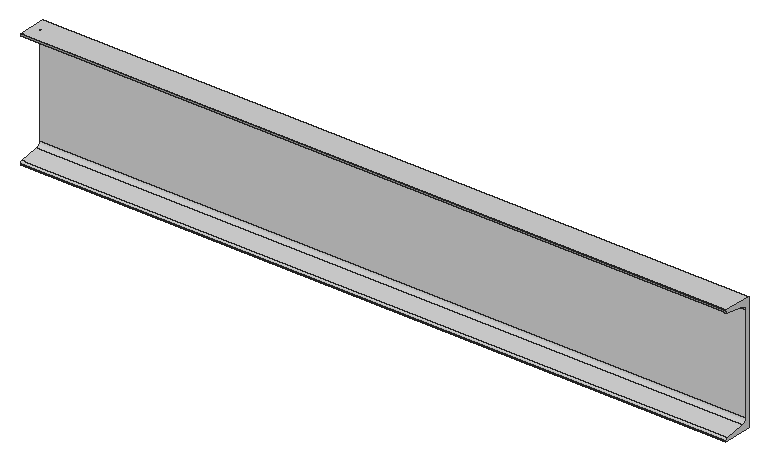
Revit family "df2fa2cbcb0648c9a1523dba503272c1", category Structural Framing, Revit 2021
Family settings
  Structural Framing Length Roundoff = 0' - 0"
  Section Shape = C-channel Sloped Flange
  Material for Model Behavior = Steel
  Always export as geometry = No
  Family Name Key = MC Shapes
  Code Name = AISC 14.1
  OmniClass Number = 23.25.30.11.14.14
  OmniClass Title = Beams
  Seek Item ID = MC Shapes-0000-USA-ENU
  Always vertical = Yes
  Cut with Voids When Loaded = No
  Symbolic Representation = From Project Settings
  Shared = No
  Show family pre-cut in plan views = Yes
Parameters (values of type "MC8X8.5")
  Width = 0' - 1.87"
  Web Thickness = 0' - 0.179"
  Web Fillet = 0.3110"
  Warping Constant = 8.21 in⁶
  Torsional Moment of Inertia = 0.0587 in⁴
  Structural Material [instance] = Steel ASTM A36
  Sloped Flange Angle = 9.46234°
  Section Name Key = ""
  Section Area = 2.50 in²
  Plastic Modulus weak axis = 0.875 in³
  Plastic Modulus strong axis = 6.950 in³
  Nominal Weight = 8.50 lbf/ft
  Moment of Inertia weak axis = 0.6240 in⁴
  Moment of Inertia strong axis = 23.3000 in⁴
  Height = 0' - 8"
  Flange Thickness Location = 0.8455"
  Flange Thickness = 0.3110"
  Flange Fillet = 0.1555"
  Elastic Modulus weak axis = 0.431 in³
  Elastic Modulus strong axis = 5.820 in³
  Centroid Vertical = Height / 2  # 4.0000"
  Centroid Horizontal = 0' - 0.428"
  Bolt Spacing = 0' - 1 1/8"
  Assembly Code = "B10"
  Length [instance] = 5' - 0"
Types (2): name | Width | Web Thickness | Web Fillet | Warping Constant | Torsional Moment of Inertia | Section Area | Plastic Modulus weak axis | Plastic Modulus strong axis | Nominal Weight | Moment of Inertia weak axis | Moment of Inertia strong axis | Height | Flange Thickness Location | Flange Thickness | Flange Fillet | Elastic Modulus weak axis | Elastic Modulus strong axis | Centroid Vertical | Centroid Horizontal | Bolt Spacing
  MC8X8.5 | 0' - 1.87" | 0' - 0.179" | 0.3110" | 8.21 in⁶ | 0.0587 in⁴ | 2.50 in² | 0.875 in³ | 6.950 in³ | 8.50 lbf/ft | 0.6240 in⁴ | 23.3000 in⁴ | 0' - 8" | 0.8455" | 0.3110" | 0.1555" | 0.431 in³ | 5.820 in³ | 4.0000" | 0' - 0.428" | 0' - 1 1/8"
  MC12X40 | 0' - 3.89" | 0' - 0.59" | 0.7000" | 336.00 in⁶ | 1.6900 in⁴ | 11.80 in² | 9.310 in³ | 47.700 in³ | 40.00 lbf/ft | 14.2000 in⁴ | 234.0000 in⁴ | 1' - 0" | 1.6500" | 0.7000" | 0.3500" | 4.980 in³ | 39.000 in³ | 6.0000" | 0' - 1.04" | 0' - 2 1/2"
Reference planes (in)
  plane 1 "Center (Front/Back)": y = 0
  plane 2: z = 0
  plane 3 "Center (Left/Right)": x = 0.1815
  plane 4 "Member Left": x = -23.8185
  plane 5 "Member Right": x = 24.1815
  plane 6 "LL": y = 0.428
  plane 7: y = -1.442
  plane 8 "Top": z = 4
  plane 9: z = -4
  plane 10 "Left": x = -29.8185
  plane 11 "Right": x = 30.1815
Forms (in)
  Sweep 1, solid, material "Steel ASTM A36" <- "Structural Material", detail levels fine
    path origin (0, 0, 0) x (1, 0, 0) y (0, 1, 0)
      loop
        line (-23.8185, 0) -> (24.1815, 0)
    profile "MC-Shape-Profile-Fine : MC-Shape-Profile-Fine" origin (0.1815, 0, 0) x (0, 1, 0) y (0, 0, 1)
      loop
        line (-1.442, 4) -> (-1.442, 3.96165)
        arc (-1.442, 3.96165) -> (-1.40515, 3.86113) -> (-1.31206, 3.80826) r 0.1555
        line (-1.31206, 3.80826) -> (-0.5965, 3.689) -> (-0.01087, 3.5914)
        arc (-0.01087, 3.5914) -> (0.1753, 3.48565) -> (0.249, 3.28463) r 0.311
        line (0.249, 3.28463) -> (0.249, -3.28463)
        arc (0.249, -3.28463) -> (0.1753, -3.48565) -> (-0.01087, -3.5914) r 0.311
        line (-0.01087, -3.5914) -> (-0.5965, -3.689) -> (-1.31206, -3.80826)
        arc (-1.31206, -3.80826) -> (-1.40515, -3.86113) -> (-1.442, -3.96165) r 0.1555
        line (-1.442, -3.96165) -> (-1.442, -4) -> (0.428, -4) -> (0.428, 4) -> (-1.442, 4)
  Sweep 2, solid, material "Steel ASTM A36" <- "Structural Material", detail levels medium
    path origin (0, 0, 0) x (1, 0, 0) y (0, 1, 0)
      loop
        line (-23.8185, 0) -> (24.1815, 0)
    profile "MC-Shape-Profile-Medium : MC-Shape-Profile-Medium" origin (0.1815, 0, 0) x (0, 1, 0) y (0, 0, 1)
      loop
        line (-1.442, 4) -> (-1.442, 3.82992) -> (-0.5965, 3.689) -> (0.249, 3.54808) -> (0.249, -3.54808) -> (-0.5965, -3.689) -> (-1.442, -3.82992) -> (-1.442, -4) -> (0.428, -4) -> (0.428, 4) -> (-1.442, 4)
Lines and regions (in)
  symbolic lines, style "Hidden Faces", detail levels medium+fine
    curve 1: line (-23.8185, 0.249, 0) -> (24.1815, 0.249, 0)
    curve 2: line (-23.8185, 0.428, 3.82992) -> (24.1815, 0.428, 3.82992)
    curve 3: line (-23.8185, 0.428, -3.82992) -> (24.1815, 0.428, -3.82992)
  symbolic lines, style "Stick Symbols", detail levels coarse
    curve 4: line (0.1815, 0.428, -4) -> (0.1815, 0.428, 4)
    curve 5: line (0.1815, 0.428, 4) -> (0.1815, -1.442, 4)
    curve 6: line (0.1815, -1.442, -4) -> (0.1815, 0.428, -4)
Dimensions and locks (in)
  "Width": plane 6 "LL" to plane 7
  "Height": plane 9 to plane 8 "Top"
  "Centroid Horizontal": plane 6 "LL" to plane 1 "Center (Front/Back)"
  equal spacing: plane 9, plane 2, plane 8 "Top"
  "Length": plane 10 "Left" to plane 11 "Right"
  "Web Thickness": curve 1 to plane 6 "LL"
  aligned and locked: plane 4 "Member Left" to curve 1
  aligned and locked: plane 5 "Member Right" to curve 1
  aligned and locked: plane 4 "Member Left" to curve 2
  aligned and locked: plane 4 "Member Left" to curve 3
  aligned and locked: plane 5 "Member Right" to curve 2
  aligned and locked: plane 5 "Member Right" to curve 3
  aligned and locked: plane 4 "Member Left" to Sweep 1 sketch curve
  aligned and locked: plane 1 "Center (Front/Back)" to Sweep 1 sketch curve
  aligned and locked: plane 5 "Member Right" to Sweep 1 sketch curve
  aligned and locked: plane 1 "Center (Front/Back)" to Sweep 2 sketch curve
  aligned and locked: plane 5 "Member Right" to Sweep 2 sketch curve
  aligned and locked: plane 4 "Member Left" to Sweep 2 sketch curve
  aligned and locked: curve 6 to plane 9
  aligned and locked: plane 7 to curve 6
  aligned and locked: curve 4 to plane 6 "LL"
  aligned and locked: plane 8 "Top" to curve 5
  aligned and locked: plane 7 to curve 5
  aligned and locked: curve 2 to Sweep 2
  aligned and locked: curve 3 to Sweep 2
